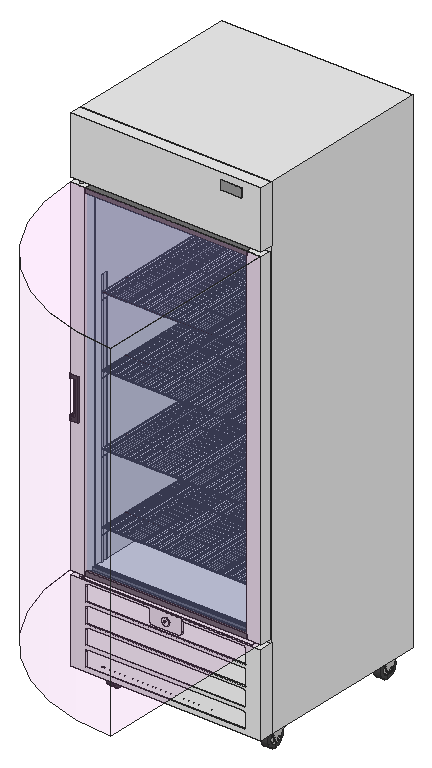
Revit family "QF_Summit_ACR261LH_General_Purpose_Healthcare_All_Refrigerator", category Specialty Equipment, Revit 2020 (continued)
Automatic sketch dimensions
  Extrusion 23 sketch curve to Extrusion 23 sketch curve = 1.05178"
  Extrusion 24 sketch curve to Extrusion 24 sketch curve = 23"
  Extrusion 24 sketch curve to Extrusion 24 sketch curve = 1"  (x3)
  Extrusion 24 sketch curve to Extrusion 24 sketch curve = 1.05178"
  Extrusion 25 sketch curve to Extrusion 25 sketch curve = 1/8"  (x18)
  Extrusion 25 sketch curve to Extrusion 25 sketch curve = 0"  (x5)
  Extrusion 25 sketch curve to Extrusion 25 sketch curve = 3/4"  (x4)
  Extrusion 26 sketch curve to Extrusion 26 sketch curve = 1/16"  (x9)
  Extrusion 26 sketch curve to Extrusion 26 sketch curve = 1/8"  (x5)
  Extrusion 26 sketch curve to Extrusion 26 sketch curve = 7/8"  (x7)
  Extrusion 26 sketch curve to Extrusion 26 sketch curve = 0.03661"  (x7)
  Extrusion 26 sketch curve to Extrusion 26 sketch curve = 0.08839"  (x3)
  Extrusion 26 sketch curve to Extrusion 26 sketch curve = 0.96339"  (x9)
  Extrusion 26 sketch curve to Extrusion 26 sketch curve = 0.12239"  (x8)
  Extrusion 26 sketch curve to Extrusion 26 sketch curve = 9.77043"  (x2)
  Extrusion 26 sketch curve to Extrusion 26 sketch curve = 9.76576"  (x2)
  Extrusion 26 sketch curve to Extrusion 26 sketch curve = 9.76333"  (x2)
  Extrusion 26 sketch curve to Extrusion 26 sketch curve = 0"  (x11)
  Extrusion 27 sketch curve to Extrusion 27 sketch curve = 7/8"  (x7)
  Extrusion 27 sketch curve to Extrusion 27 sketch curve = 0.03661"  (x4)
  Extrusion 27 sketch curve to Extrusion 27 sketch curve = 1/16"  (x12)
  Extrusion 27 sketch curve to Extrusion 27 sketch curve = 0.08839"  (x6)
  Extrusion 27 sketch curve to Extrusion 27 sketch curve = 1/8"  (x2)
  Extrusion 27 sketch curve to Extrusion 27 sketch curve = 0.96339"  (x9)
  Extrusion 27 sketch curve to Extrusion 27 sketch curve = 0.12239"  (x8)
  Extrusion 27 sketch curve to Extrusion 27 sketch curve = 9.77043"  (x2)
  Extrusion 27 sketch curve to Extrusion 27 sketch curve = 9.76576"  (x2)
  Extrusion 27 sketch curve to Extrusion 27 sketch curve = 9.76333"  (x2)
  Extrusion 27 sketch curve to Extrusion 27 sketch curve = 0"  (x11)
  Extrusion 25 sketch curve to Extrusion 25 sketch curve = 24 3/4"
  Extrusion 25 sketch curve to Extrusion 25 sketch curve = 21.0035"  (x2)
  Extrusion 26 sketch curve to Extrusion 26 sketch curve = 23"
  Extrusion 26 sketch curve to Extrusion 26 sketch curve = 1"  (x3)
  Extrusion 26 sketch curve to Extrusion 26 sketch curve = 1.05178"
  Extrusion 27 sketch curve to Extrusion 27 sketch curve = 23"
  Extrusion 27 sketch curve to Extrusion 27 sketch curve = 1"  (x3)
  Extrusion 27 sketch curve to Extrusion 27 sketch curve = 1.05178"
  plane 1 "BACK" to Extrusion 1 sketch curve = 0"
  Extrusion 1 sketch curve to plane 4 "RIGHT" = 0"
  Extrusion 1 sketch curve to plane 3 "LEFT" = 0"
  Extrusion 1 sketch curve to plane 14 = 0.0035"
  Extrusion 1 to Extrusion 2 sketch curve = 0"  (x2)
  Extrusion 2 sketch curve to Extrusion 1 = 0"  (x3)
  Extrusion 2 sketch curve to Extrusion 1 = 2 5/16"
  Extrusion 2 sketch curve to Extrusion 2 sketch curve = 2 5/16"
  Extrusion 2 sketch curve to Extrusion 1 = 2 5/8"
  Extrusion 3 sketch curve to Extrusion 6 = 0"  (x2)
  Extrusion 3 sketch curve to Extrusion 6 = 0.37"
  Extrusion 3 sketch curve to Extrusion 6 = 27 9/16"
  Extrusion 4 sketch curve to Extrusion 1 = 0"  (x4)
  Extrusion 4 sketch curve to Extrusion 4 sketch curve = 1 5/8"
  Extrusion 1 to Extrusion 4 sketch curve = 1 5/8"
  Extrusion 1 to Extrusion 4 sketch curve = 1 3/8"  (x2)
  Extrusion 4 to Extrusion 5 sketch curve = 0"
  Extrusion 5 sketch curve to Extrusion 4 = 0"  (x2)
  Extrusion 4 to Extrusion 5 sketch curve = 5/16"
  Extrusion 4 to Extrusion 5 sketch curve = 0.9965"  (x2)
  Extrusion 5 sketch curve to Extrusion 5 sketch curve = 2 5/8"
  Extrusion 5 sketch curve to Extrusion 5 sketch curve = 3 1/16"  (x2)
  Extrusion 4 to Extrusion 5 sketch curve = 1/4"  (x5)
  Extrusion 4 to Extrusion 5 sketch curve = 5/8"
  Extrusion 5 sketch curve to Extrusion 5 sketch curve = 3/4"  (x2)
  Extrusion 2 to Extrusion 6 sketch curve = 0"
  Extrusion 6 sketch curve to Extrusion 2 = 0"
  Extrusion 6 sketch curve to Extrusion 2 = 3/4"  (x2)
  Extrusion 2 to Extrusion 6 sketch curve = 25 1/4"
  Extrusion 6 sketch curve to Extrusion 6 sketch curve = 2 5/16"
  Extrusion 2 to Extrusion 6 sketch curve = 9 5/8"  (x2)
  Extrusion 7 sketch curve to Extrusion 2 = 0"
  Extrusion 7 sketch curve to Extrusion 2 = 3/8"  (x2)
  Extrusion 7 sketch curve to Extrusion 7 sketch curve = 3/8"  (x3)
  Extrusion 2 to Extrusion 7 sketch curve = 10 3/8"
  Extrusion 2 to Extrusion 7 sketch curve = 26 13/16"
  Extrusion 8 sketch curve to Extrusion 6 = 0"
  Extrusion 6 to Extrusion 8 sketch curve = 0"
  Extrusion 8 sketch curve to Extrusion 6 = 3/8"  (x2)
  Extrusion 2 to Extrusion 9 sketch curve = 3.36372"
  Extrusion 9 sketch curve to Extrusion 2 = 13.78099"
  Extrusion 10 sketch curve to Extrusion 6 = 7/8"
  Extrusion 6 to Extrusion 10 sketch curve = 0.28676"
  Extrusion 10 sketch curve to Extrusion 6 = 21 3/4"
  Extrusion 10 sketch curve to Extrusion 10 sketch curve = 5.29207"
  Extrusion 6 to Extrusion 11 sketch curve = 0"
  Extrusion 6 to Extrusion 11 sketch curve = 29 3/8"
  Extrusion 11 sketch curve to Extrusion 11 sketch curve = 1/2"
  Extrusion 6 to Extrusion 11 sketch curve = 0.00418"
  curve 1 to plane 4 "RIGHT" = 0"
  plane 5 "FRONT" to curve 7 = 0"
  plane 1 "BACK" to curve 14 = 0"
  curve 14 to plane 11 = 0"
  curve 16 to plane 3 "LEFT" = 0"
  curve 9 to curve 9 = 1/8"
  plane 4 "RIGHT" to curve 16 = 0.00214"
  plane 4 "RIGHT" to curve 11 = 0.08828"
  plane 5 "FRONT" to curve 8 = 1/8"
  curve 8 to curve 8 = 1.21872"
  plane 4 "RIGHT" to curve 2 = 4.21822"
  plane 7 "Center Y" to curve 14 = 6 15/16"
  curve 13 to curve 13 = 1 3/4"
  plane 3 "LEFT" to curve 17 = 4.21822"
  plane 5 "FRONT" to curve 19 = 1/8"
  plane 3 "LEFT" to curve 19 = 1.307"
  plane 3 "LEFT" to curve 22 = 0.08828"
  plane 3 "LEFT" to curve 1 = 0.00214"
  curve 20 to curve 20 = 1/8"
  curve 9 to plane 14 = 5/8"
  curve 20 to plane 14 = 5/8"
  curve 16 to curve 11 = 0.41228"
  curve 1 to curve 22 = 0.41228"
  curve 15 to plane 14 = 0.0035"
  Extrusion 12 sketch curve to Extrusion 4 = 0"  (x4)
  Extrusion 4 to Extrusion 12 sketch curve = 3/4"  (x5)
  Extrusion 12 sketch curve to Extrusion 12 sketch curve = 1/2"  (x9)
  Extrusion 12 sketch curve to Extrusion 4 = 5/16"  (x2)
  Extrusion 12 sketch curve to Extrusion 12 sketch curve = 9 9/16"
  Extrusion 12 sketch curve to Extrusion 12 sketch curve = 4"
  Extrusion 4 to Extrusion 12 sketch curve = 1 1/4"  (x4)
  Extrusion 12 sketch curve to Extrusion 12 sketch curve = 1 11/16"
  Extrusion 12 sketch curve to Extrusion 12 sketch curve = 2 1/8"  (x3)
  Extrusion 12 sketch curve to Extrusion 12 sketch curve = 7/16"  (x3)
  Extrusion 12 sketch curve to Extrusion 4 = 5/8"
  Extrusion 13 sketch curve to Extrusion 2 = 0"  (x3)
  Extrusion 2 to Extrusion 13 sketch curve = 1 3/8"
  Split face 1 sketch curve to Extrusion 3 = 0"  (x2)
  Split face 1 sketch curve to Extrusion 3 = 1 5/8"
  Split face 2 sketch curve to Extrusion 3 = 0"  (x2)
  Split face 2 sketch curve to Extrusion 3 = 1 5/8"
  Extrusion 14 sketch curve to Extrusion 14 sketch curve = 0"  (x2)
  Extrusion 12 to Extrusion 14 sketch curve = 1.01479"
  Extrusion 14 sketch curve to Extrusion 12 = 2 1/2"
  Extrusion 15 sketch curve to Extrusion 2 = 1 11/16"
  Extrusion 2 to Extrusion 15 sketch curve = 8"
  Extrusion 15 sketch curve to Extrusion 15 sketch curve = 1 3/4"  (x2)
  Extrusion 1 to Extrusion 16 sketch curve = 1"  (x4)
  Revolve 17 sketch curve to plane 12 = 0"
  Revolve 17 sketch curve to plane 15 = 0"  (x2)
  plane 3 "LEFT" to Revolve 17 sketch curve = 29/32"
  Revolve 17 sketch curve to Revolve 17 sketch curve = 1/4"
  Revolve 17 sketch curve to Revolve 17 sketch curve = 0"
  Revolve 17 sketch curve to plane 15 = 1.36235"
  Revolve 18 sketch curve to plane 13 = 0"
  Revolve 18 sketch curve to plane 16 = 0"  (x2)
  plane 3 "LEFT" to Revolve 18 sketch curve = 29/32"
  Revolve 18 sketch curve to Revolve 18 sketch curve = 1/4"
  Revolve 18 sketch curve to Revolve 18 sketch curve = 0"
  plane 16 to Revolve 18 sketch curve = 1.36235"
  Extrusion 19 sketch curve to Extrusion 19 sketch curve = 0"  (x2)
  Extrusion 19 sketch curve to plane 4 "RIGHT" = 0"
  plane 5 "FRONT" to Extrusion 19 sketch curve = 0"
  Extrusion 19 sketch curve to plane 4 "RIGHT" = 1/8"
  plane 4 "RIGHT" to Extrusion 19 sketch curve = 1/8"
  Extrusion 19 sketch curve to Extrusion 19 sketch curve = 1.182"
  Extrusion 19 sketch curve to plane 14 = 5/8"
  Extrusion 6 to Extrusion 20 sketch curve = 0"  (x2)
  Extrusion 20 sketch curve to Extrusion 6 = 0"  (x4)
  Extrusion 20 sketch curve to Extrusion 6 = 3/8"
  Extrusion 20 sketch curve to Extrusion 20 sketch curve = 3/8"  (x2)
  Extrusion 20 sketch curve to Extrusion 20 sketch curve = 3/4"  (x2)
  Extrusion 6 to Extrusion 20 sketch curve = 3/8"  (x5)
  Extrusion 21 sketch curve to Extrusion 3 = 3"
  Extrusion 21 sketch curve to Extrusion 21 sketch curve = 0.11"  (x3)
  Extrusion 21 sketch curve to Extrusion 21 sketch curve = 3.08"
  Extrusion 21 sketch curve to Extrusion 21 sketch curve = 0"
  Extrusion 3 to Extrusion 21 sketch curve = 1"
  Extrusion 21 sketch curve to Extrusion 21 sketch curve = 1.22375"
  Split face 3 sketch curve to Extrusion 21 = 0"  (x2)
  Split face 3 sketch curve to Extrusion 21 = 1/4"
  Split face 3 sketch curve to Extrusion 21 = 0.6886"  (x2)
  Extrusion 2 to Extrusion 28 sketch curve = 0"  (x2)
  Extrusion 28 sketch curve to Extrusion 2 = 3/4"  (x2)
  Extrusion 28 sketch curve to Extrusion 28 sketch curve = 25 1/4"
  Extrusion 28 sketch curve to Extrusion 28 sketch curve = 2 5/16"
  Extrusion 2 to Extrusion 28 sketch curve = 9 5/8"  (x2)
  Extrusion 29 sketch curve to Extrusion 28 = 7/8"
  Extrusion 28 to Extrusion 29 sketch curve = 0.28676"
  Extrusion 29 sketch curve to Extrusion 28 = 27.04207"
  Extrusion 29 sketch curve to Extrusion 29 sketch curve = 5.29207"
  Extrusion 28 to Extrusion 30 sketch curve = 0"
  Extrusion 30 sketch curve to Extrusion 30 sketch curve = 1/2"
  Extrusion 28 to Extrusion 30 sketch curve = 29 3/8"
  Extrusion 28 to Extrusion 30 sketch curve = 0.00418"
  Extrusion 31 sketch curve to Extrusion 31 sketch curve = 0"  (x2)
  Extrusion 31 sketch curve to plane 3 "LEFT" = 0"
  plane 5 "FRONT" to Extrusion 31 sketch curve = 0"
  plane 3 "LEFT" to Extrusion 31 sketch curve = 1/8"
  Extrusion 31 sketch curve to plane 3 "LEFT" = 1/8"
  Extrusion 31 sketch curve to Extrusion 31 sketch curve = 1.182"
  plane 14 to Extrusion 31 sketch curve = 5/8"
  plane 4 "RIGHT" to Sweep 32 sketch curve = 2 5/16"
  Sweep 32 sketch curve to Sweep 32 sketch curve = 1/4"  (x3)
  plane 3 "LEFT" to Sweep 32 sketch curve = 2 9/16"  (x2)
  plane 14 to Sweep 32 sketch curve = 1.2465"
  plane 1 "BACK" to Sweep 32 sketch curve = 3.6285"
  Sweep 32 sketch curve to plane 10 "Base Height" = 0"
  Sweep 32 sketch curve to profile plane = 0"
  Sweep 33 sketch curve to Sweep 33 sketch curve = 1/4"  (x3)
  Sweep 33 sketch curve to profile plane = 0"  (x2)
  Extrusion 34 sketch curve to Extrusion 34 sketch curve = 3/8"  (x64)
  Extrusion 34 sketch curve to Extrusion 34 sketch curve = 0"  (x64)
  Sweep 33 sketch curve to Sweep 33 sketch curve = 24 1/8"
  Sweep 33 sketch curve to Sweep 33 sketch curve = 0"
  Sweep 33 sketch curve to Sweep 33 sketch curve = 22 3/4"
  Extrusion 35 sketch curve to Extrusion 35 sketch curve = 7"  (x2)
  Extrusion 35 sketch curve to Extrusion 35 sketch curve = 0"  (x2)
  Sweep 36 sketch curve to Sweep 36 sketch curve = 1/4"  (x3)
  Sweep 36 sketch curve to profile plane = 0"  (x2)
  Extrusion 37 sketch curve to Extrusion 37 sketch curve = 3/8"  (x64)
  Extrusion 37 sketch curve to Extrusion 37 sketch curve = 0"  (x64)
  Sweep 36 sketch curve to Sweep 36 sketch curve = 24 1/8"
  Sweep 36 sketch curve to Sweep 36 sketch curve = 0"
  Sweep 36 sketch curve to Sweep 36 sketch curve = 22 3/4"
  Extrusion 38 sketch curve to Extrusion 38 sketch curve = 7"  (x2)
  Extrusion 38 sketch curve to Extrusion 38 sketch curve = 0"  (x2)
  Sweep 39 sketch curve to Sweep 39 sketch curve = 1/4"  (x3)
  Sweep 39 sketch curve to profile plane = 0"  (x2)
  Extrusion 40 sketch curve to Extrusion 40 sketch curve = 3/8"  (x64)
  Extrusion 40 sketch curve to Extrusion 40 sketch curve = 0"  (x64)
  Sweep 39 sketch curve to Sweep 39 sketch curve = 24 1/8"
  Sweep 39 sketch curve to Sweep 39 sketch curve = 0"
  Sweep 39 sketch curve to Sweep 39 sketch curve = 22 3/4"
  Extrusion 41 sketch curve to Extrusion 41 sketch curve = 7"  (x2)
  Extrusion 41 sketch curve to Extrusion 41 sketch curve = 0"  (x2)
  Sweep 42 sketch curve to Sweep 42 sketch curve = 1/4"  (x3)
  Sweep 42 sketch curve to profile plane = 0"  (x2)
  Extrusion 43 sketch curve to Extrusion 43 sketch curve = 3/8"  (x64)
  Extrusion 43 sketch curve to Extrusion 43 sketch curve = 0"  (x64)
  Sweep 42 sketch curve to Sweep 42 sketch curve = 24 1/8"
  Sweep 42 sketch curve to Sweep 42 sketch curve = 0"
  Sweep 42 sketch curve to Sweep 42 sketch curve = 22 3/4"
  Extrusion 44 sketch curve to Extrusion 44 sketch curve = 7"  (x2)
  Extrusion 44 sketch curve to Extrusion 44 sketch curve = 0"  (x2)
  Sweep 45 sketch curve to Sweep 45 sketch curve = 1/4"  (x3)
  Sweep 45 sketch curve to profile plane = 0"  (x2)
  Extrusion 46 sketch curve to Extrusion 46 sketch curve = 3/8"  (x64)
  Extrusion 46 sketch curve to Extrusion 46 sketch curve = 0"  (x64)
  Sweep 45 sketch curve to Sweep 45 sketch curve = 24 1/8"
  Sweep 45 sketch curve to Sweep 45 sketch curve = 0"
  Sweep 45 sketch curve to Sweep 45 sketch curve = 22 3/4"
  Extrusion 47 sketch curve to Extrusion 47 sketch curve = 7"  (x2)
  Extrusion 47 sketch curve to Extrusion 47 sketch curve = 0"  (x2)
  radius of Extrusion 9 sketch curve = 1/4"
  radius of Extrusion 14 sketch curve = 9/16"
  radius of Extrusion 14 sketch curve = 3/16"
  radius of Sweep 32 sketch curve = 1/16"
  radius of Sweep 33 sketch curve = 1/16"
  radius of Extrusion 34 sketch curve = 1/16"  (x65)
  radius of Extrusion 35 sketch curve = 1/16"  (x3)
  radius of Sweep 36 sketch curve = 1/16"
  radius of Extrusion 37 sketch curve = 1/16"  (x65)
  radius of Extrusion 38 sketch curve = 1/16"  (x3)
  radius of Sweep 39 sketch curve = 1/16"
  radius of Extrusion 40 sketch curve = 1/16"  (x65)
  radius of Extrusion 41 sketch curve = 1/16"  (x3)
  radius of Sweep 42 sketch curve = 1/16"
  radius of Extrusion 43 sketch curve = 1/16"  (x65)
  radius of Extrusion 44 sketch curve = 1/16"  (x3)
  radius of Sweep 45 sketch curve = 1/16"
  radius of Extrusion 46 sketch curve = 1/16"  (x65)
  radius of Extrusion 47 sketch curve = 1/16"  (x3)
Nested families (in)
  nested 1: "4 INCHES_CASTER" at (27.0625, -2.8125, 0), type "4 INCHES_CASTER"
    with Type Mark "", Specification by User "", Show 4 Inches Casters yes, Revision Code "", Item Number "", Installed By "", Identify Quantity as Lot yes, Furnished By "", Foodservice Equipment Identifier yes
  nested 2: "4 INCHES_CASTER" at (2.8125, -2.8125, 0), type "4 INCHES_CASTER"
    with Type Mark "", Specification by User "", Show 4 Inches Casters yes, Revision Code "", Item Number "", Installed By "", Identify Quantity as Lot yes, Furnished By "", Foodservice Equipment Identifier yes
  nested 3: "4 INCHES_CASTER" at (27.0625, -24.8125, 0), type "4 INCHES_CASTER"
    with Type Mark "", Specification by User "", Show 4 Inches Casters yes, Revision Code "", Item Number "", Installed By "", Identify Quantity as Lot yes, Furnished By "", Foodservice Equipment Identifier yes
  nested 4: "4 INCHES_CASTER" at (2.8125, -24.8125, 0), type "4 INCHES_CASTER"
    with Type Mark "", Specification by User "", Show 4 Inches Casters yes, Revision Code "", Item Number "", Installed By "", Identify Quantity as Lot yes, Furnished By "", Foodservice Equipment Identifier yes
Connectors (in)
  electrical at (26.51128, 0.0625, 4.59401), driven by "Volts"
    settings: on Extrusion 9, index 1, voltage 115 V, apparent load 0 VA, apparent load phase1 0 VA, apparent load phase2 0 VA, apparent load phase3 0 VA, power factor 1, load classification "Other", number of poles 1, system type 30, power factor state 1, is connector primary yes, connector utility no, sub classification motor no, connector description "Electrical Connection"
Definition of nested family "4 INCHES_CASTER"
  Parameters (values of type "4 INCHES_CASTER")
    Weight = ""
    URL Manufacturer = ""
    URL Cutsheet = ""
    URL = ""
    Type Mark [instance] = ""
    Specification by User [instance] = ""
    Specification by Manufacturer = ""
    Show 4 Inches Casters [instance] = yes
    Serial Number = ""
    Seismic Rating = ""
    SMACNA No = ""
    Revision Code [instance] = ""
    Omniclass Number and Title = ""
    NAFEM Spec ID Number = ""
    Model = ""
    MasterSpec. = ""
    Manufacturer = ""
    Item Number [instance] = ""
    Installed By [instance] = ""
    Identify Quantity as Lot [instance] = yes
    Furnished By [instance] = ""
    Foodservice Equipment Identifier [instance] = yes
    Description = ""
    Default Elevation = 0"
    CSI MasterFormat = ""
    CSI Master Format = ""
    Assembly Code = ""
  Reference planes (in)
    plane 1: z = 0
    plane 2 "RIGHT": x = 0
    plane 3 "FRONT": y = 0
    plane 4 "TOP": z = 4
  Forms (in)
    Revolve 1, solid, visible <- "Show 4 Inches Casters"
      sketch origin (-1.93794, 0.83816, -1.0041) x (1, 0, 0) y (0, 0, 1)
        loop
          line (0.74055, 2.5041) -> (3.15007, 2.5041) -> (3.15007, 2.5796) -> (3.10007, 2.6296) -> (3.04007, 2.6296) -> (3.04007, 2.74967) -> (2.62438, 2.74967) -> (2.62438, 2.93884) -> (2.48438, 3.01967) -> (2.45908, 3.17597) -> (2.51563, 3.17597) -> (2.51563, 3.41035) -> (2.48438, 3.41035) -> (2.48438, 4.0041) -> (1.375, 4.0041) -> (1.375, 3.41035) -> (1.34375, 3.41035) -> (1.34375, 3.17597) -> (1.4003, 3.17597) -> (1.37557, 3.02318) -> (1.235, 2.94202) -> (1.235, 2.74967) -> (0.85055, 2.74967) -> (0.85055, 2.6296) -> (0.79055, 2.6296) -> (0.74055, 2.5796) -> (0.74055, 2.5041)
        axis (0.74055, 2.5041) -> (3.15007, 2.5041)
      angle from 0 to 360
    Extrusion 2, solid, visible <- "Show 4 Inches Casters"
      sketch origin (-1.93794, 1.80294, -1.7541) x (0, 1, 0) y (0, 0, 1)
        loop
          line (-3.08794, 5.33423) -> (-3.08794, 5.00584) -> (-2.69466, 5.00584)
          arc (-2.69466, 5.00584) -> (-1.57175, 4.94895) -> (-0.46376, 4.75787) r 9.36411
          arc (-0.46376, 4.75787) -> (-0.05889, 4.58436) -> (0.28335, 4.30705) r 1.60049
          line (0.28335, 4.30705) -> (0.34449, 4.39437)
          arc (0.34449, 4.39437) -> (0.12713, 4.6163) -> (-0.1239, 4.79931) r 1.8753
          line (-0.1239, 4.79931) -> (-0.05749, 4.91421)
          arc (-0.05749, 4.91421) -> (-0.33807, 5.05694) -> (-0.64294, 5.13542) r 1.44292
          line (-0.64294, 5.13542) -> (-0.64294, 5.33423) -> (-3.08794, 5.33423)
      from 1.1267 to 2.74918
    Revolve 3, solid, visible <- "Show 4 Inches Casters"
      sketch origin (0, 2.15543, -2.25) x (0, 1, 0) y (0, 0, 1)
        loop
          line (-2.21793, 6.25) -> (-2.21793, 5.83014) -> (-1.05793, 5.83014) -> (-1.05793, 6.25) -> (-2.21793, 6.25)
        axis (-2.21793, 5.83014) -> (-2.21793, 6.25)
      angle from 0 to 360
    Extrusion 4, solid, visible <- "Show 4 Inches Casters"
      sketch origin (-1.93794, 1.80294, -1.7541) x (0, 1, 0) y (0, 0, 1)
        loop
          line (-3.08794, 5.33423) -> (-3.08794, 5.00584) -> (-2.8913, 5.00584)
          arc (-2.8913, 5.00584) -> (-2.09118, 4.14057) -> (-1.45681, 3.14736) r 6.63355
          arc (-1.45681, 3.14736) -> (-0.85703, 2.75969) -> (-0.4561, 3.35069) r 0.5107
          arc (-0.4561, 3.35069) -> (-0.27092, 3.92503) -> (0.24034, 4.24562) r 0.88136
          line (0.24034, 4.24562) -> (0.34449, 4.39437)
          arc (0.34449, 4.39437) -> (0.12713, 4.6163) -> (-0.1239, 4.79931) r 1.8753
          line (-0.1239, 4.79931) -> (-0.05749, 4.91421)
          arc (-0.05749, 4.91421) -> (-0.33807, 5.05694) -> (-0.64294, 5.13542) r 1.44292
          line (-0.64294, 5.13542) -> (-0.64294, 5.33423) -> (-3.08794, 5.33423)
      from 2.74918 to 2.90825
    Extrusion 5, solid, visible <- "Show 4 Inches Casters"
      sketch origin (1.93794, 1.80294, -1.7541) x (0, 1, 0) y (0, 0, -1)
        loop
          line (-3.08794, -5.33423) -> (-0.64294, -5.33423) -> (-0.64294, -5.13542)
          arc (-0.64294, -5.13542) -> (-0.33807, -5.05694) -> (-0.05749, -4.91421) r 1.44292
          line (-0.05749, -4.91421) -> (-0.1239, -4.79931)
          arc (-0.1239, -4.79931) -> (0.12713, -4.6163) -> (0.34449, -4.39437) r 1.8753
          line (0.34449, -4.39437) -> (0.24034, -4.24562)
          arc (0.24034, -4.24562) -> (-0.27092, -3.92503) -> (-0.4561, -3.35069) r 0.88136
          arc (-0.4561, -3.35069) -> (-0.85703, -2.75969) -> (-1.45681, -3.14736) r 0.5107
          arc (-1.45681, -3.14736) -> (-2.09118, -4.14057) -> (-2.8913, -5.00584) r 6.63355
          line (-2.8913, -5.00584) -> (-3.08794, -5.00584) -> (-3.08794, -5.33423)
      from 2.74918 to 2.90825
  Cuts and joins
    joined: Extrusion 2, Extrusion 4, Extrusion 5
  Lines and regions (in)
    symbolic lines, visible <- "Show 4 Inches Casters"
      curve 1: line (0.28481, 1.83041, 0) -> (1.24556, 1.27572, 0)
      curve 2: line (-1.26206, -0.84886, 0) -> (0.28481, 1.83041, 0)
      curve 3: line (-0.30132, -1.40355, 0) -> (-1.26206, -0.84886, 0)
      curve 4: line (1.24556, 1.27572, 0) -> (-0.30132, -1.40355, 0)
  Dimensions and locks (in)
    plane 4 "TOP" to level = 4"  (x2)
    aligned and locked: level to plane 1
